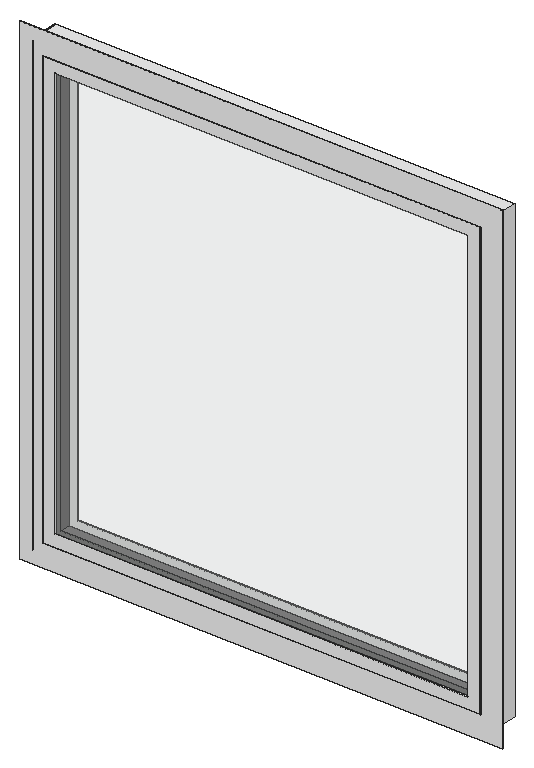
Revit family "Casement_30.5_B_Side_Hung_Standard", category Windows, host Wall, Revit 2014
Parameters (values of type "Casement_Sash_DG")
  Width Sash [instance] = 30 mm
  Width Sash Inner = 15 mm
  Width Bead = 15 mm
  Top Hung [instance] = yes
  Side Hung Right [instance] = yes
  Side Hung Left [instance] = yes
  Sash Opening Width [instance] = 600 mm
  Sash Opening Height [instance] = 600.312 mm
  Sash Lip = 15 mm
  Glazing Material [instance] = Glass
  DG Start Piece 2 [instance] = DG End Piece 1 + DG Gasket Thickness  # 25 mm
  DG Start Peice 1 [instance] = (Depth Sash - (2 * DG Glazing Thickness) - DG Gasket Thickness) / 2  # 6.6 mm
  Glazing Offset = 5 mm
  DG Glazing Thickness [instance] = 6.4 mm
  DG Gasket Thickness = 12 mm  # constant formula
  DG Gasket Material [instance] = Double Glazing Gasket Material
  DG End Piece 2 [instance] = DG Start Piece 2 + DG Glazing Thickness  # 31.4 mm
  DG End Piece 1 [instance] = DG Start Peice 1 + DG Glazing Thickness  # 13 mm
  Depth Sash [instance] = 38 mm
  Center Vertical Sash [instance] = Sash Opening Height / 2  # 300.156 mm
  Center Horizontal Sash [instance] = Sash Opening Width / 2  # 300 mm
  Bottom Hung [instance] = yes
  Bead Offset = 15 mm
  Aluminium Thickness = 1 mm
  Aluminium Material [instance] = White Powder Coated Aluminium
Reference planes
  plane 1 "Center (Front/Back)": y = 0
  plane 2: z = 0
  plane 3 "Center (Left/Right)": x = 0
Forms (mm)
  Sweep 1, solid, material "White Powder Coated Aluminium" <- "Aluminium Material"
    path origin (16.177, 0, 121.331) x (1, 0, 0) y (0, 0, 1)
      loop
        line (0, 0) -> (600, 0) -> (600, 600.312) -> (0, 600.312) -> (0, 0)
    profile origin (316.177, 0, 121.331) x (0, 0, 1) y (0, -1, 0)
      loop
        line (0, 0) -> (30, 0) -> (30, 1) -> (15, 1) -> (15, 38) -> (-15, 38) -> (-15, 37) -> (0, 37) -> (0, 0)
      loop
        line (14, 1) -> (14, 37) -> (1, 37) -> (1, 1) -> (14, 1)
  Sweep 2, solid, material "White Powder Coated Aluminium" <- "Aluminium Material"
    path origin (0, 0, 0) x (1, 0, 0) y (0, 0, 1)
      loop
        line (31.177, 706.643) -> (31.177, 136.331) -> (601.177, 136.331) -> (601.177, 706.643) -> (31.177, 706.643)
    profile origin (316.177, 0, 706.643) x (0, 0, 1) y (0, -1, 0)
      loop
        line (0, 37) -> (0, 38) -> (-15, 38) -> (-15, 37) -> (0, 37)
  Extrusion 3, solid, material "Glass" <- "Glazing Material"
    sketch origin (0, 0, 0) x (1, 0, 0) y (0, 0, 1)
      loop
        line (36.177, 701.643) -> (36.177, 141.331) -> (596.177, 141.331) -> (596.177, 701.643) -> (36.177, 701.643)
    from 6.6 <- "DG Start Peice 1" to 13 <- "DG End Piece 1"
  Extrusion 4, solid, material "Glass" <- "Glazing Material"
    sketch origin (0, 0, 0) x (1, 0, 0) y (0, 0, 1)
      loop
        line (36.177, 701.643) -> (36.177, 141.331) -> (596.177, 141.331) -> (596.177, 701.643) -> (36.177, 701.643)
    from 31.4 <- "DG End Piece 2" to 25 <- "DG Start Piece 2"
  Sweep 5, solid, material "Double Glazing Gasket Material" <- "DG Gasket Material"
    path origin (0, -13, 0) x (1, 0, 0) y (0, 0, 1)
      loop
        line (36.177, 701.643) -> (36.177, 141.331) -> (596.177, 141.331) -> (596.177, 701.643) -> (36.177, 701.643)
    profile origin (316.177, -13, 701.643) x (0, 0, 1) y (0, -1, 0)
      loop
        line (0, 0) -> (0, 12) -> (-7.96, 12) -> (-7.96, 0) -> (0, 0)
Lines and regions (mm)
  model lines
    curve 1: line (1.177, -38, 736.643) -> (31.177, -38, 706.643)
    curve 2: line (601.177, -38, 706.643) -> (631.177, -38, 736.643)
    curve 3: line (601.177, -38, 136.331) -> (631.177, -38, 106.331)
    curve 4: line (1.177, -38, 106.331) -> (31.177, -38, 136.331)
    curve 5: line (631.177, -37, 736.643) -> (616.177, -37, 721.643)
    curve 6: line (1.177, -37, 736.643) -> (16.177, -37, 721.643)
    curve 7: line (1.177, -37, 106.331) -> (16.177, -37, 121.331)
    curve 8: line (631.177, -37, 106.331) -> (616.177, -37, 121.331)
    curve 9: line (616.177, 0, 121.331) -> (586.177, 0, 151.331)
    curve 10: line (46.177, 0, 151.331) -> (16.177, 0, 121.331)
    curve 11: line (616.177, 0, 721.643) -> (586.177, 0, 691.643)
    curve 12: line (46.177, 0, 691.643) -> (16.177, 0, 721.643)
    curve 13: line (31.177, -38, 691.643) -> (46.177, -38, 691.643)
    curve 14: line (586.177, -38, 691.643) -> (601.177, -38, 691.643)
    curve 15: line (586.177, -38, 151.331) -> (601.177, -38, 151.331)
    curve 16: line (31.177, -38, 151.331) -> (46.177, -38, 151.331)
  model lines, style "GenericModelHiddenLines", visible <- "Top Hung"
    curve 17: line (46.386, -31.4, 690.914) -> (316.177, -31.4, 151.331)
    curve 18: line (316.177, -31.4, 151.331) -> (586.177, -31.4, 691.331)
  model lines, style "GenericModelHiddenLines", visible <- "Bottom Hung"
    curve 19: line (46.177, -31.4, 151.331) -> (316.177, -31.4, 691.331)
    curve 20: line (316.177, -31.4, 691.331) -> (586.177, -31.4, 151.331)
  model lines, style "GenericModelHiddenLines", visible <- "Side Hung Left"
    curve 21: line (46.386, -31.4, 690.914) -> (585.24, -31.4, 421.487)
    curve 22: line (585.24, -31.4, 421.487) -> (46.177, -31.4, 151.331)
  model lines, style "GenericModelHiddenLines", visible <- "Side Hung Right"
    curve 23: line (586.177, -31.4, 691.331) -> (46.177, -31.4, 421.487)
    curve 24: line (46.177, -31.4, 421.487) -> (586.177, -31.4, 151.331)
Dimensions and locks
  "Aluminium Thickness": Sweep 1 sketch curve to Sweep 1 sketch curve  (x4)
  "Depth Sash": Sweep 1 sketch curve to Sweep 1 sketch curve
  "Sash Opening Width": Sweep 1 to Sweep 1
  "Sash Opening Height": Sweep 1 to Sweep 1
  "Width Sash": Sweep 1 sketch curve to Sweep 1 sketch curve  (x2)
  "Width Sash Inner": Sweep 1 sketch curve to Sweep 1 sketch curve
  "Sash Lip": Sweep 1 sketch curve to Sweep 1 sketch curve
  "Aluminium Thickness": Sweep 1 to Sweep 2 sketch curve
  "Glazing Offset": Sweep 2 to Extrusion 3 sketch curve  (x3)
  "Glazing Offset": Extrusion 3 sketch curve to Sweep 2
  Sweep 1 to Sweep 1 = 1 mm
  "Aluminium Thickness": Sweep 2 sketch curve to Sweep 2 sketch curve
  "Width Bead": Sweep 2 sketch curve to Sweep 2 sketch curve
  locked: Sweep 5 sketch curve to Sweep 5 sketch curve at 7.96
  "Center Horizontal Sash": Sweep 1 to curve 18
  "Center Horizontal Sash": Sweep 1 to curve 20
  "Center Vertical Sash": Sweep 1 to curve 22
  "Center Vertical Sash": Sweep 1 to curve 24
  aligned and locked: level to plane 2
  aligned and locked: Sweep 1 sketch curve to Sweep 1 sketch curve  (x2)
  aligned and locked: Sweep 2 sketch curve to Sweep 1  (x5)
  aligned and locked: Extrusion 4 sketch curve to Extrusion 3  (x4)
  aligned and locked: Sweep 5 sketch curve to Extrusion 3  (x5)
  aligned and locked: Extrusion 3 to Sweep 5 sketch curve
Automatic sketch dimensions
  plane 3 "Center (Left/Right)" to Sweep 1 sketch curve = 16.177 mm
  level to Sweep 1 sketch curve = 121.331 mm
  plane 3 "Center (Left/Right)" to Sweep 1 sketch curve = 616.177 mm
  level to Sweep 1 sketch curve = 721.643 mm
  profile plane to Sweep 5 sketch curve = 12 mm
  curve 7 to Sweep 1 = 0 mm  (x4)
  curve 6 to Sweep 1 = 0 mm  (x3)
  Sweep 1 to curve 6 = 0 mm
  curve 5 to Sweep 1 = 0 mm  (x3)
  curve 8 to Sweep 1 = 0 mm  (x4)
  Sweep 1 to curve 5 = 0 mm
  curve 16 to Sweep 2 = 0 mm  (x3)
  curve 13 to Sweep 2 = 0 mm  (x3)
  curve 15 to Sweep 2 = 0 mm
  Sweep 2 to curve 15 = 0 mm  (x2)
  curve 14 to Sweep 2 = 0 mm  (x2)
  Sweep 2 to curve 14 = 0 mm
  curve 1 to Sweep 1 = 0 mm  (x4)
  curve 4 to Sweep 1 = 0 mm  (x3)
  Sweep 1 to curve 4 = 0 mm
  curve 3 to Sweep 1 = 0 mm  (x3)
  curve 2 to Sweep 1 = 0 mm  (x4)
  Sweep 1 to curve 3 = 0 mm
  curve 10 to Sweep 1 = 0 mm  (x4)
  curve 12 to Sweep 1 = 0 mm  (x3)
  Sweep 1 to curve 12 = 0 mm
  curve 9 to Sweep 1 = 0 mm  (x4)
  curve 11 to Sweep 1 = 0 mm  (x3)
  Sweep 1 to curve 11 = 0 mm
  Sweep 1 sketch curve to plane 1 "Center (Front/Back)" = 0 mm
  profile plane to Sweep 1 sketch curve = 0 mm
  curve 21 to Extrusion 4 = 10.208 mm
  curve 19 to Extrusion 4 = 10 mm
  curve 23 to Extrusion 4 = 10 mm  (x2)
  curve 22 to Extrusion 4 = 10.937 mm
  curve 20 to Extrusion 4 = 10 mm
  curve 24 to Extrusion 4 = 10 mm
  curve 22 to Extrusion 4 = 10 mm
  curve 18 to Extrusion 4 = 10 mm
  curve 21 to Extrusion 4 = 10.729 mm
  curve 19 to Extrusion 4 = 10.312 mm
  curve 18 to Extrusion 4 = 10.312 mm
Types in the file's own list only (18): name | Windload Design | Width Sash Opening | Width Sash | Width Profile | Width Panel 4 | Width Panel 1 | Width | URL | Offset Window Exterior | Max System DG Unit Thickness | Max System DG One Piece Thickness | Max Pane Area | Limit Fixed Panel Width Max | Intruderprufe U Value | Intruderprufe SHGC Value | Intruderprufe LowE U Value | Intruderprufe LowE SHGC Value | Height Sash Opening | Height | Energy Advantage U Value | Energy Advantage SHGC Value | DG Thickness Calc | DG Thickness | Custom Window Width | Custom Window Height | Window Exterior Offset | Custom Windload | Custom Sash Width | Sash Spacing Inner | Sash Overlap | Sash Center Offset | SG Gasket Thickness | Offset Sash Left | Offset Sash Top | Offset Panel 4 Left | Offset Mullion Left | Offset Bead SG Center Reversed | Model | Manufacturer | Limit Window Width Min | Limit Window Width Max | Limit Window Height Min | Limit Window Height Max | Limit Sash Width Min | Limit Sash Width Max | Limit Sash Height Min | Limit Sash Height Max | Limit Fixed Panel Width Min | Length Mullion | Height Sash | Height Panel 4 | Double Glazing | Description | Depth Mullion | Frame Center Offset | Depth Bead | Default Sill Height | Wall Closure | DG Gasket Finish | DG Extrusion Start | Mullion Depth Windload Based | Clearvue U Value | Clearvue SHGC Value | Casement Dimension | Bead SG Gap | Area Pane Right | Area Pane Left
  305-0909S-1000Pa | 1000 mm | 554 mm | 524 mm | 30 mm | 261 mm | 539 mm | 890 mm | "http://www.crealco.co.za/crealco-products.php" | 15 mm | 18 mm | 3 mm | 0.37 m² | 1500 mm | 6.11 | 0.54 | 4.7 | 0.478 | 844 mm | 890 mm | 4.81 | 0.506 | 3 mm | 3 mm | 890 mm | 890 mm | 0 mm | 1000 mm | 554 mm | 8 mm | 7 mm | 12 mm | 6 mm | 23 mm | 23 mm | 599 mm | 569 mm | 15 mm | "Casement 30.5" | "Crealco" | 829 mm | 2129 mm | 346 mm | 1246 mm | 300 mm | 600 mm | 300 mm | 1200 mm | 200 mm | 890 mm | 814 mm | 830 mm | No | "Window 30.5mm, Type B side hung" | 32 mm | 15 mm | 17 mm | 800 mm | By host | Double Glazing Gasket Material | 5 mm | 32 mm | 6.25 | 0.566 | 31 mm | 13 mm | 0.21 m² | 0.37 m²
  305-1209S-1000Pa | 1000 mm | 554 mm | 524 mm | 30 mm | 561 mm | 539 mm | 1190 mm | "http://www.crealco.co.za/crealco-products.php" | 15 mm | 18 mm | 3 mm | 0.45 m² | 1500 mm | 6.04 | 0.585 | 4.51 | 0.517 | 844 mm | 890 mm | 4.62 | 0.549 | 3 mm | 3 mm | 1190 mm | 890 mm | 0 mm | 1000 mm | 554 mm | 8 mm | 7 mm | 12 mm | 6 mm | 23 mm | 23 mm | 599 mm | 569 mm | 15 mm | "Casement 30.5" | "Crealco" | 829 mm | 2129 mm | 346 mm | 1246 mm | 300 mm | 600 mm | 300 mm | 1200 mm | 200 mm | 890 mm | 814 mm | 830 mm | No | "Window 30.5mm, Type B side hung" | 32 mm | 15 mm | 17 mm | 800 mm | By host | Double Glazing Gasket Material | 5 mm | 32 mm | 6.17 | 0.613 | 31 mm | 13 mm | 0.45 m² | 0.37 m²
  305-1509S-1000Pa | 1000 mm | 554 mm | 524 mm | 30 mm | 861 mm | 539 mm | 1490 mm | "http://www.crealco.co.za/crealco-products.php" | 15 mm | 18 mm | 3 mm | 0.70 m² | 1500 mm | 5.99 | 0.612 | 4.4 | 0.54 | 844 mm | 890 mm | 4.5 | 0.574 | 3 mm | 3 mm | 1490 mm | 890 mm | 0 mm | 1000 mm | 554 mm | 8 mm | 7 mm | 12 mm | 6 mm | 23 mm | 23 mm | 599 mm | 569 mm | 15 mm | "Casement 30.5" | "Crealco" | 829 mm | 2129 mm | 346 mm | 1246 mm | 300 mm | 600 mm | 300 mm | 1200 mm | 200 mm | 890 mm | 814 mm | 830 mm | No | "Window 30.5mm, Type B side hung" | 32 mm | 15 mm | 17 mm | 800 mm | By host | Double Glazing Gasket Material | 5 mm | 32 mm | 6.13 | 0.642 | 31 mm | 13 mm | 0.70 m² | 0.37 m²
  305-0912S-1000Pa | 1000 mm | 554 mm | 524 mm | 30 mm | 261 mm | 539 mm | 890 mm | "http://www.crealco.co.za/crealco-products.php" | 15 mm | 18 mm | 3 mm | 0.52 m² | 1500 mm | 6.1 | 0.561 | 4.75 | 0.499 | 1144 mm | 1190 mm | 4.86 | 0.529 | 3 mm | 3 mm | 890 mm | 1190 mm | 0 mm | 1000 mm | 554 mm | 8 mm | 7 mm | 12 mm | 6 mm | 23 mm | 23 mm | 599 mm | 569 mm | 15 mm | "Casement 30.5" | "Crealco" | 829 mm | 2129 mm | 346 mm | 1246 mm | 300 mm | 600 mm | 300 mm | 1200 mm | 200 mm | 1190 mm | 1114 mm | 1130 mm | No | "Window 30.5mm, Type B side hung" | 32 mm | 15 mm | 17 mm | 800 mm | By host | Double Glazing Gasket Material | 5 mm | 32 mm | 6.24 | 0.59 | 31 mm | 13 mm | 0.28 m² | 0.52 m²
  305-1212S-1000Pa | 1000 mm | 554 mm | 524 mm | 30 mm | 561 mm | 539 mm | 1190 mm | "http://www.crealco.co.za/crealco-products.php" | 15 mm | 18 mm | 3 mm | 0.62 m² | 1500 mm | 6.02 | 0.607 | 4.43 | 0.536 | 1144 mm | 1190 mm | 4.53 | 0.569 | 3 mm | 3 mm | 1190 mm | 1190 mm | 0 mm | 1000 mm | 554 mm | 8 mm | 7 mm | 12 mm | 6 mm | 23 mm | 23 mm | 599 mm | 569 mm | 15 mm | "Casement 30.5" | "Crealco" | 829 mm | 2129 mm | 346 mm | 1246 mm | 300 mm | 600 mm | 300 mm | 1200 mm | 200 mm | 1190 mm | 1114 mm | 1130 mm | No | "Window 30.5mm, Type B side hung" | 32 mm | 15 mm | 17 mm | 800 mm | By host | Double Glazing Gasket Material | 5 mm | 32 mm | 6.16 | 0.637 | 31 mm | 13 mm | 0.62 m² | 0.52 m²
  305-1512S-1000Pa | 1000 mm | 554 mm | 524 mm | 30 mm | 861 mm | 539 mm | 1490 mm | "http://www.crealco.co.za/crealco-products.php" | 15 mm | 18 mm | 3 mm | 0.95 m² | 1500 mm | 5.97 | 0.634 | 4.4 | 0.56 | 1144 mm | 1190 mm | 4.5 | 0.596 | 3 mm | 3 mm | 1490 mm | 1190 mm | 0 mm | 1000 mm | 554 mm | 8 mm | 7 mm | 12 mm | 6 mm | 23 mm | 23 mm | 599 mm | 569 mm | 15 mm | "Casement 30.5" | "Crealco" | 829 mm | 2129 mm | 346 mm | 1246 mm | 300 mm | 600 mm | 300 mm | 1200 mm | 200 mm | 1190 mm | 1114 mm | 1130 mm | No | "Window 30.5mm, Type B side hung" | 54 mm | 15 mm | 17 mm | 800 mm | By host | Double Glazing Gasket Material | 5 mm | 54 mm | 6.11 | 0.666 | 31 mm | 13 mm | 0.95 m² | 0.52 m²
  305-1212S-1500Pa | 1500 mm | 554 mm | 524 mm | 30 mm | 561 mm | 539 mm | 1190 mm | "http://www.crealco.co.za/crealco-products.php" | 15 mm | 18 mm | 3 mm | 0.62 m² | 1500 mm | 6.02 | 0.606 | 4.53 | 0.537 | 1144 mm | 1190 mm | 4.63 | 0.571 | 3 mm | 3 mm | 1190 mm | 1190 mm | 0 mm | 1500 mm | 554 mm | 8 mm | 7 mm | 12 mm | 6 mm | 23 mm | 23 mm | 599 mm | 569 mm | 15 mm | "Casement 30.5" | "Crealco" | 829 mm | 2129 mm | 346 mm | 1246 mm | 300 mm | 600 mm | 300 mm | 1200 mm | 200 mm | 1190 mm | 1114 mm | 1130 mm | No | "Window 30.5mm, Type B side hung" | 54 mm | 15 mm | 17 mm | 800 mm | By host | Double Glazing Gasket Material | 5 mm | 54 mm | 6.16 | 0.638 | 31 mm | 13 mm | 0.62 m² | 0.52 m²
  305-0909S-1500Pa | 1500 mm | 554 mm | 524 mm | 30 mm | 261 mm | 539 mm | 890 mm | "http://www.crealco.co.za/crealco-products.php" | 15 mm | 18 mm | 3 mm | 0.37 m² | 1500 mm | 6.11 | 0.54 | 4.7 | 0.478 | 844 mm | 890 mm | 4.81 | 0.506 | 3 mm | 3 mm | 890 mm | 890 mm | 0 mm | 1500 mm | 554 mm | 8 mm | 7 mm | 12 mm | 6 mm | 23 mm | 23 mm | 599 mm | 569 mm | 15 mm | "Casement 30.5" | "Crealco" | 829 mm | 2129 mm | 346 mm | 1246 mm | 300 mm | 600 mm | 300 mm | 1200 mm | 200 mm | 890 mm | 814 mm | 830 mm | No | "Window 30.5mm, Type B side hung" | 32 mm | 15 mm | 17 mm | 800 mm | By host | Double Glazing Gasket Material | 5 mm | 32 mm | 6.25 | 0.566 | 31 mm | 13 mm | 0.21 m² | 0.37 m²
  305-0909S-2000Pa | 2000 mm | 554 mm | 524 mm | 30 mm | 261 mm | 539 mm | 890 mm | "http://www.crealco.co.za/crealco-products.php" | 15 mm | 18 mm | 3 mm | 0.37 m² | 1500 mm | 6.11 | 0.54 | 4.7 | 0.478 | 844 mm | 890 mm | 4.81 | 0.506 | 3 mm | 3 mm | 890 mm | 890 mm | 0 mm | 2000 mm | 554 mm | 8 mm | 7 mm | 12 mm | 6 mm | 23 mm | 23 mm | 599 mm | 569 mm | 15 mm | "Casement 30.5" | "Crealco" | 829 mm | 2129 mm | 346 mm | 1246 mm | 300 mm | 600 mm | 300 mm | 1200 mm | 200 mm | 890 mm | 814 mm | 830 mm | No | "Window 30.5mm, Type B side hung" | 32 mm | 15 mm | 17 mm | 800 mm | By host | Double Glazing Gasket Material | 5 mm | 32 mm | 6.25 | 0.566 | 31 mm | 13 mm | 0.21 m² | 0.37 m²
  305-0912S-1500Pa | 1500 mm | 554 mm | 524 mm | 30 mm | 261 mm | 539 mm | 890 mm | "http://www.crealco.co.za/crealco-products.php" | 15 mm | 18 mm | 3 mm | 0.52 m² | 1500 mm | 6.1 | 0.561 | 4.75 | 0.499 | 1144 mm | 1190 mm | 4.86 | 0.529 | 3 mm | 3 mm | 890 mm | 1190 mm | 0 mm | 1500 mm | 554 mm | 8 mm | 7 mm | 12 mm | 6 mm | 23 mm | 23 mm | 599 mm | 569 mm | 15 mm | "Casement 30.5" | "Crealco" | 829 mm | 2129 mm | 346 mm | 1246 mm | 300 mm | 600 mm | 300 mm | 1200 mm | 200 mm | 1190 mm | 1114 mm | 1130 mm | No | "Window 30.5mm, Type B side hung" | 54 mm | 15 mm | 17 mm | 800 mm | By host | Double Glazing Gasket Material | 5 mm | 54 mm | 6.24 | 0.59 | 31 mm | 13 mm | 0.28 m² | 0.52 m²
  305-0912S-2000Pa | 2000 mm | 554 mm | 524 mm | 30 mm | 261 mm | 539 mm | 890 mm | "http://www.crealco.co.za/crealco-products.php" | 15 mm | 18 mm | 3 mm | 0.52 m² | 1500 mm | 6.1 | 0.561 | 4.75 | 0.499 | 1144 mm | 1190 mm | 4.86 | 0.529 | 3 mm | 3 mm | 890 mm | 1190 mm | 0 mm | 2000 mm | 554 mm | 8 mm | 7 mm | 12 mm | 6 mm | 23 mm | 23 mm | 599 mm | 569 mm | 15 mm | "Casement 30.5" | "Crealco" | 829 mm | 2129 mm | 346 mm | 1246 mm | 300 mm | 600 mm | 300 mm | 1200 mm | 200 mm | 1190 mm | 1114 mm | 1130 mm | No | "Window 30.5mm, Type B side hung" | 54 mm | 15 mm | 17 mm | 800 mm | By host | Double Glazing Gasket Material | 5 mm | 54 mm | 6.24 | 0.59 | 31 mm | 13 mm | 0.28 m² | 0.52 m²
  305-1209S-1500Pa | 1500 mm | 554 mm | 524 mm | 30 mm | 561 mm | 539 mm | 1190 mm | "http://www.crealco.co.za/crealco-products.php" | 15 mm | 18 mm | 3 mm | 0.45 m² | 1500 mm | 6.04 | 0.585 | 4.51 | 0.517 | 844 mm | 890 mm | 4.62 | 0.549 | 3 mm | 3 mm | 1190 mm | 890 mm | 0 mm | 1500 mm | 554 mm | 8 mm | 7 mm | 12 mm | 6 mm | 23 mm | 23 mm | 599 mm | 569 mm | 15 mm | "Casement 30.5" | "Crealco" | 829 mm | 2129 mm | 346 mm | 1246 mm | 300 mm | 600 mm | 300 mm | 1200 mm | 200 mm | 890 mm | 814 mm | 830 mm | No | "Window 30.5mm, Type B side hung" | 32 mm | 15 mm | 17 mm | 800 mm | By host | Double Glazing Gasket Material | 5 mm | 32 mm | 6.17 | 0.613 | 31 mm | 13 mm | 0.45 m² | 0.37 m²
  305-1209S-2000Pa | 2000 mm | 554 mm | 524 mm | 30 mm | 561 mm | 539 mm | 1190 mm | "http://www.crealco.co.za/crealco-products.php" | 15 mm | 18 mm | 3 mm | 0.45 m² | 1500 mm | 6.04 | 0.585 | 4.51 | 0.517 | 844 mm | 890 mm | 4.62 | 0.549 | 3 mm | 3 mm | 1190 mm | 890 mm | 0 mm | 2000 mm | 554 mm | 8 mm | 7 mm | 12 mm | 6 mm | 23 mm | 23 mm | 599 mm | 569 mm | 15 mm | "Casement 30.5" | "Crealco" | 829 mm | 2129 mm | 346 mm | 1246 mm | 300 mm | 600 mm | 300 mm | 1200 mm | 200 mm | 890 mm | 814 mm | 830 mm | No | "Window 30.5mm, Type B side hung" | 32 mm | 15 mm | 17 mm | 800 mm | By host | Double Glazing Gasket Material | 5 mm | 32 mm | 6.17 | 0.613 | 31 mm | 13 mm | 0.45 m² | 0.37 m²
  305-1212S-2000Pa | 2000 mm | 554 mm | 524 mm | 30 mm | 561 mm | 539 mm | 1190 mm | "http://www.crealco.co.za/crealco-products.php" | 15 mm | 18 mm | 3 mm | 0.62 m² | 1500 mm | 6.02 | 0.606 | 4.53 | 0.537 | 1144 mm | 1190 mm | 4.63 | 0.571 | 3 mm | 3 mm | 1190 mm | 1190 mm | 0 mm | 2000 mm | 554 mm | 8 mm | 7 mm | 12 mm | 6 mm | 23 mm | 23 mm | 599 mm | 569 mm | 15 mm | "Casement 30.5" | "Crealco" | 829 mm | 2129 mm | 346 mm | 1246 mm | 300 mm | 600 mm | 300 mm | 1200 mm | 200 mm | 1190 mm | 1114 mm | 1130 mm | No | "Window 30.5mm, Type B side hung" | 54 mm | 15 mm | 17 mm | 800 mm | By host | Double Glazing Gasket Material | 5 mm | 54 mm | 6.16 | 0.638 | 31 mm | 13 mm | 0.62 m² | 0.52 m²
  305-1509S-1500Pa | 1500 mm | 554 mm | 524 mm | 30 mm | 861 mm | 539 mm | 1490 mm | "http://www.crealco.co.za/crealco-products.php" | 15 mm | 18 mm | 3 mm | 0.70 m² | 1500 mm | 5.99 | 0.612 | 4.4 | 0.54 | 844 mm | 890 mm | 4.5 | 0.574 | 3 mm | 3 mm | 1490 mm | 890 mm | 0 mm | 1500 mm | 554 mm | 8 mm | 7 mm | 12 mm | 6 mm | 23 mm | 23 mm | 599 mm | 569 mm | 15 mm | "Casement 30.5" | "Crealco" | 829 mm | 2129 mm | 346 mm | 1246 mm | 300 mm | 600 mm | 300 mm | 1200 mm | 200 mm | 890 mm | 814 mm | 830 mm | No | "Window 30.5mm, Type B side hung" | 32 mm | 15 mm | 17 mm | 800 mm | By host | Double Glazing Gasket Material | 5 mm | 32 mm | 6.13 | 0.642 | 31 mm | 13 mm | 0.70 m² | 0.37 m²
  305-1509S-2000Pa | 2000 mm | 554 mm | 524 mm | 30 mm | 861 mm | 539 mm | 1490 mm | "http://www.crealco.co.za/crealco-products.php" | 15 mm | 18 mm | 3 mm | 0.70 m² | 1500 mm | 5.99 | 0.612 | 4.4 | 0.54 | 844 mm | 890 mm | 4.5 | 0.574 | 3 mm | 3 mm | 1490 mm | 890 mm | 0 mm | 2000 mm | 554 mm | 8 mm | 7 mm | 12 mm | 6 mm | 23 mm | 23 mm | 599 mm | 569 mm | 15 mm | "Casement 30.5" | "Crealco" | 829 mm | 2129 mm | 346 mm | 1246 mm | 300 mm | 600 mm | 300 mm | 1200 mm | 200 mm | 890 mm | 814 mm | 830 mm | No | "Window 30.5mm, Type B side hung" | 32 mm | 15 mm | 17 mm | 800 mm | By host | Double Glazing Gasket Material | 5 mm | 32 mm | 6.13 | 0.642 | 31 mm | 13 mm | 0.70 m² | 0.37 m²
  305-1512S-1500Pa | 1500 mm | 554 mm | 524 mm | 30 mm | 861 mm | 539 mm | 1490 mm | "http://www.crealco.co.za/crealco-products.php" | 15 mm | 18 mm | 3 mm | 0.95 m² | 1500 mm | 5.97 | 0.634 | 4.4 | 0.56 | 1144 mm | 1190 mm | 4.5 | 0.596 | 3 mm | 3 mm | 1490 mm | 1190 mm | 0 mm | 1500 mm | 554 mm | 8 mm | 7 mm | 12 mm | 6 mm | 23 mm | 23 mm | 599 mm | 569 mm | 15 mm | "Casement 30.5" | "Crealco" | 829 mm | 2129 mm | 346 mm | 1246 mm | 300 mm | 600 mm | 300 mm | 1200 mm | 200 mm | 1190 mm | 1114 mm | 1130 mm | No | "Window 30.5mm, Type B side hung" | 54 mm | 15 mm | 17 mm | 800 mm | By host | Double Glazing Gasket Material | 5 mm | 54 mm | 6.11 | 0.666 | 31 mm | 13 mm | 0.95 m² | 0.52 m²
  305-1512S-2000Pa | 2000 mm | 554 mm | 524 mm | 30 mm | 861 mm | 539 mm | 1490 mm | "http://www.crealco.co.za/crealco-products.php" | 15 mm | 18 mm | 3 mm | 0.95 m² | 1500 mm | 5.97 | 0.634 | 4.4 | 0.56 | 1144 mm | 1190 mm | 4.5 | 0.596 | 3 mm | 3 mm | 1490 mm | 1190 mm | 0 mm | 2000 mm | 554 mm | 8 mm | 7 mm | 12 mm | 6 mm | 23 mm | 23 mm | 599 mm | 569 mm | 15 mm | "Casement 30.5" | "Crealco" | 829 mm | 2129 mm | 346 mm | 1246 mm | 300 mm | 600 mm | 300 mm | 1200 mm | 200 mm | 1190 mm | 1114 mm | 1130 mm | No | "Window 30.5mm, Type B side hung" | 54 mm | 15 mm | 17 mm | 800 mm | By host | Double Glazing Gasket Material | 5 mm | 54 mm | 6.11 | 0.666 | 31 mm | 13 mm | 0.95 m² | 0.52 m²
